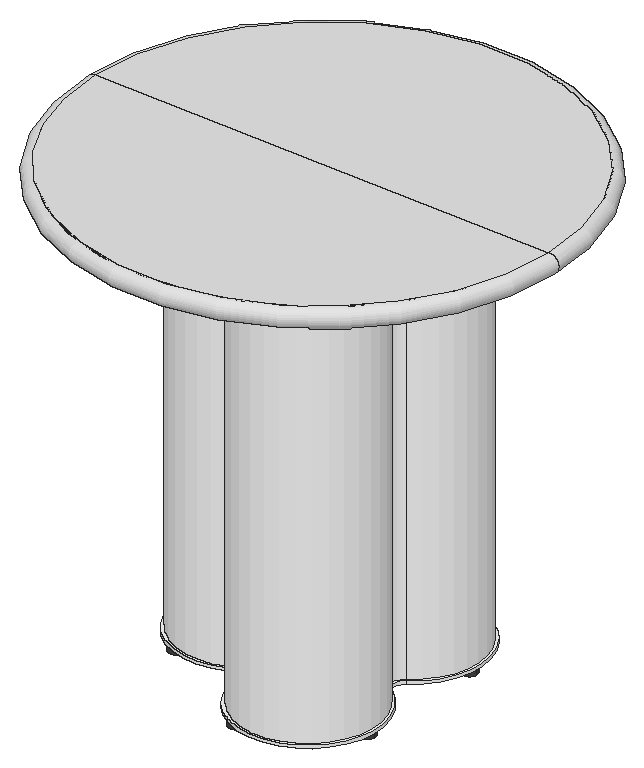
Revit family "DBLTD_TheSenatorGroup_OfficeTables_Batan_ExtrudedBlend_US", category Furniture, Revit 2021
Family settings
  OmniClass Number = 23.40.20.00
  OmniClass Title = General Furniture and Specialties
  Work Plane-Based = No
  Always vertical = Yes
  Cut with Voids When Loaded = No
  Shared = Yes
  Room Calculation Point = No
Parameters (values of type "Tall Round 19.75” Dia")
  WorksurfaceArea = NominalWidth * NominalDepth  # 0.25 m²
  WarrantyStartDate [instance] = " "
  WarrantyGuarantorParts = "https://www.thesenatorgroup.com/"
  WarrantyGuarantorLabor = "https://www.thesenatorgroup.com/"
  WarrantyDurationUnit = "years"
  WarrantyDurationParts = "5"
  WarrantyDurationLabor = "5"
  WarrantyDescription = "Allermuir warrants that its manufactured products are free from manufacturing defects - in materials or workmanship - for a period of five (5) years.\r\nAllermuir will repair, or replace (at Allermuir’s sole discretion) with comparable free of charge materials/ components, any product/ component which fails under normal use in a single shift environment, as a result of a defect in the materials and/or workmanship.\r\n\r\nExceptions -\r\nNon-standard product - 2 years\r\nScreen-mounted Accessories/ Dry-wipe Boards - 2 years\r\nElectrical and/or electronic componentry - 2 years\r\n\r\nExclusions - Allermuir does not warrant:\r\nFailure due to normal “Wear and Tear”.\r\nNatural variations in appearance of wood - its grain, figure and colour.\r\nChanges in surface appearance resulting from exposure to light, and the natural ageing process of wood.\r\nChanges in surface appearance resulting from the misuse of cleaning materials and methods/ damage form sharp objects/ imprinting from writing implements.\r\nNatural variations in Leather - its marks, scars and wrinkles.\r\nProduct stored/ exposed to extreme operational conditions.\r\nConsumable components such as Fuses/ Lights/ lamps/ transformers/etc.\r\nOther Manufacturer’s product supplied by Allermuir (their own warranty shall apply where possible).\r\nNon-standard fabrics/ finishes or veneers used. Allermuir only checks the manufacturing quality of Customer’s\r\nOwn Material (COM) and provides no warranty for the finish/ fabric itself.\r\nProduct which has not been installed/ moved/ reconfigured by Allermuir approved personnel.\r\nAllermuir shall be under no liability whatsoever for any consequential damage, loss or other expenses whether arising out of contract, negligence or otherwise."
  Version = "1"
  Uniclass2015Version = "Products v1.15"
  Uniclass2015Title = "Office tables"
  Uniclass2015Code = "Pr_40_50_21_60"
  URL = "https://www.thesenatorgroup.com/"
  Type Comments = ModelReference  # "Tall Round 19.75” Dia"
  TagNumber [instance] = " "
  SustainabilityPerformance = "n/a"
  Size = "19” x 19.75” x 19.75”"
  Shape = "Rectangular"
  SerialNumber [instance] = " "
  Revision = ""
  ReplacementCost = "n/a"
  Radius = NominalWidth / 2  # 250 mm
  ProductInformation = "https://www.allermuir.com/us/products/tables-storage/batan"
  NumberOfChairs = 0
  NominalWidth = 500 mm
  NominalHeight = 475 mm
  NominalDepth = 500 mm
  Name = "Table"
  ModelReference = "Tall Round 19.75” Dia"
  ModelNumber = "EBH20RD"
  Model = ModelNumber  # "EBH20RD"
  Material = "Frame: Aluminium, Top: Variable"
  ManufacturerURL = "https://www.thesenatorgroup.com/"
  ManufacturerName = "The Senator Group"
  Keynote = Category  # "Pr_40_50_21_60 Office tables"
  IsPill = no
  IsCircular = yes
  InstallationDate [instance] = " "
  Grade = "n/a"
  FrameMaterial [instance] = DBLTD_TheSenatorGroup_Metal_White
  Finish = "Frame: Mineral Forest, Ultramarine Blue, Black, White, Ceramic White, Soft Gold. Top: White Marble, Green Marble, Terrazzo, Oak"
  Features = "n/a"
  ExpectedLife = "5"
  DurationUnit = "years"
  DesktopMaterial [instance] = DBLTD_TheSenatorGroup_Marble_White
  Cost = 0
  Constituents = "Frame, Top"
  Color = "Frame: Mineral Forest, Ultramarine Blue, Black, White, Ceramic White, Soft Gold. Top: White Marble, Green Marble, Terrazzo, Oak"
  CodePerformance = "n/a"
  Category = "Pr_40_50_21_60 Office tables"
  Manufacturer = ManufacturerName  # "The Senator Group"
  Description = ModelReference  # "Tall Round 19.75” Dia"
  Default Elevation = 0 mm
  BarCode [instance] = " "
  Author = "Diane Butterworth Ltd"
  AssetType = "Movable"
  AssetIdentifier [instance] = " "
  Assembly Code = "E2020200"
  AccessibilityPerformance = "n/a"
Types (4, lengths in mm): name | WorksurfaceArea | Type Comments | Size | Radius | NominalWidth | NominalHeight | NominalDepth | ModelReference | ModelNumber | Model | IsPill | IsCircular | Finish | Color | Description
  Low Round 27.50” Dia | 0.49 m² | "Low Round 27.50” Dia" | "13” x 27.50” x 27.50”" | 350 | 700 | 325 | 700 | "Low Round 27.50” Dia" | "EBL27RD" | "EBL27RD" | no | yes | "Frame: Mineral Forest, Ultramarine Blue, Black, White, Ceramic White, Soft Gold. Top: White Marble, Green Marble, Terrazzo" | "Frame: Mineral Forest, Ultramarine Blue, Black, White, Ceramic White, Soft Gold. Top: White Marble, Green Marble, Terrazzo" | "Low Round 27.50” Dia"
  Mid Round 19.75” Dia | 0.25 m² | "Mid Round 19.75” Dia" | "15.75” x 19.75” x 19.75”" | 250 | 500 | 400 | 500 | "Mid Round 19.75” Dia" | "EBM20RD" | "EBM20RD" | no | yes | "Frame: Mineral Forest, Ultramarine Blue, Black, White, Ceramic White, Soft Gold. Top: White Marble, Green Marble, Terrazzo, Oak" | "Frame: Mineral Forest, Ultramarine Blue, Black, White, Ceramic White, Soft Gold. Top: White Marble, Green Marble, Terrazzo, Oak" | "Mid Round 19.75” Dia"
  Tall Round 19.75” Dia | 0.25 m² | "Tall Round 19.75” Dia" | "19” x 19.75” x 19.75”" | 250 | 500 | 475 | 500 | "Tall Round 19.75” Dia" | "EBH20RD" | "EBH20RD" | no | yes | "Frame: Mineral Forest, Ultramarine Blue, Black, White, Ceramic White, Soft Gold. Top: White Marble, Green Marble, Terrazzo, Oak" | "Frame: Mineral Forest, Ultramarine Blue, Black, White, Ceramic White, Soft Gold. Top: White Marble, Green Marble, Terrazzo, Oak" | "Tall Round 19.75” Dia"
  Low Pill 39.25” x 19.75” | 0.50 m² | "Low Pill 39.25” x 19.75”" | "13” x 39.25” x 19.75”" | 500 | 1000 | 325 | 500 | "Low Pill 39.25” x 19.75”" | "EBLP4020" | "EBLP4020" | yes | no | "Frame: Mineral Forest, Ultramarine Blue, Black, White, Ceramic White, Soft Gold. Top: White Marble, Green Marble, Terrazzo, Oak" | "Frame: Mineral Forest, Ultramarine Blue, Black, White, Ceramic White, Soft Gold. Top: White Marble, Green Marble, Terrazzo, Oak" | "Low Pill 39.25” x 19.75”"
Reference planes
  plane 1 "Center (Front/Back)": y = 0
  plane 2: z = 0
  plane 3 "Center (Left/Right)": x = 0
  plane 4: x = 0
  plane 5: z = 475
  plane 6: z = 455
  plane 7: z = 452
  plane 8: z = 6
  plane 9: z = 9
Forms (mm)
  Revolve 1, solid, material "DBLTD_TheSenatorGroup_Marble_White" <- "DesktopMaterial", visible <- "IsCircular"
    sketch origin (0, 0, 0) x (1, 0, 0) y (0, 0, 1)
      loop
        line (0, 475) -> (0, 455) -> (240, 455)
        arc (240, 455) -> (250, 465) -> (240, 475) r 10
        line (240, 475) -> (0, 475)
      axis (0, 475) -> (0, 455)
    angle from 0 to 360
  Extrusion 2, solid, material "DBLTD_TheSenatorGroup_Metal_White" <- "FrameMaterial", visible <- "IsPill", not visible
    sketch origin (0, 0, 0) x (1, 0, 0) y (0, 1, 0)
      loop
        arc (-49.271, 65.586) -> (-151.078, -0.452) -> (-48.45, -65.207) r 72.03
        arc (-48.45, -65.207) -> (-37.345, -65.683) -> (-31.394, -75.071) r 12
        arc (-31.394, -75.071) -> (76.58, -131.297) -> (80.998, -9.641) r 72
        arc (80.998, -9.641) -> (75.772, 0.181) -> (80.861, 10.074) r 12
        arc (80.861, 10.074) -> (75.392, 131.343) -> (-32.359, 75.434) r 72.03
        arc (-32.359, 75.434) -> (-38.272, 66.143) -> (-49.271, 65.586) r 12
    from 6 to 9
  Extrusion 3, solid, material "DBLTD_TheSenatorGroup_Metal_White" <- "FrameMaterial", visible <- "IsPill", not visible
    sketch origin (0, 0, 0) x (1, 0, 0) y (0, 1, 0)
      loop
        arc (-50.512, 62.855) -> (-148.078, -0.433) -> (-49.725, -62.492) r 69.03
        arc (-49.725, -62.492) -> (-35.843, -63.086) -> (-28.405, -74.821) r 15
        arc (-28.405, -74.821) -> (75.07, -128.705) -> (79.304, -12.118) r 69
        arc (79.304, -12.118) -> (72.772, 0.16) -> (79.133, 12.527) r 15
        arc (79.133, 12.527) -> (73.892, 128.745) -> (-29.371, 75.165) r 69.03
        arc (-29.371, 75.165) -> (-36.762, 63.55) -> (-50.512, 62.855) r 15
    from 9 to 302
  Extrusion 4, solid, material "DBLTD_TheSenatorGroup_Metal_White" <- "FrameMaterial", visible <- "IsPill", not visible
    sketch origin (0, 0, 0) x (1, 0, 0) y (0, 1, 0)
      loop
        circle (0, 0) r 200
    from 302 to 305
  Extrusion 5, solid, material "DBLTD_TheSenatorGroup_Metal_Black", visible <- "IsPill", not visible
    sketch origin (0, 0, 0) x (1, 0, 0) y (0, 1, 0)
      loop
        circle (-110.08, -55.762) r 7.5
    from 0 to 6
  Extrusion 6, solid, material "DBLTD_TheSenatorGroup_Metal_Black", visible <- "IsPill", not visible
    sketch origin (0, 0, 0) x (1, 0, 0) y (0, 1, 0)
      loop
        circle (-110.08, 55.762) r 7.5
    from 0 to 6
  Extrusion 7, solid, material "DBLTD_TheSenatorGroup_Metal_Black", visible <- "IsPill", not visible
    sketch origin (117.671, 66.054, 0) x (1, 0, 0) y (0, 1, 0)
      loop
        circle (-110.08, 55.762) r 7.5
    from 0 to 6
  Extrusion 8, solid, material "DBLTD_TheSenatorGroup_Metal_Black", visible <- "IsPill", not visible
    sketch origin (212.741, 11.28, 0) x (1, 0, 0) y (0, 1, 0)
      loop
        circle (-110.08, 55.762) r 7.5
    from 0 to 6
  Extrusion 9, solid, material "DBLTD_TheSenatorGroup_Metal_Black", visible <- "IsPill", not visible
    sketch origin (212.741, -124.189, 0) x (1, 0, 0) y (0, 1, 0)
      loop
        circle (-110.08, 55.762) r 7.5
    from 0 to 6
  Extrusion 10, solid, material "DBLTD_TheSenatorGroup_Metal_Black", visible <- "IsPill", not visible
    sketch origin (117.543, -179.242, 0) x (1, 0, 0) y (0, 1, 0)
      loop
        circle (-110.08, 55.762) r 7.5
    from 0 to 6
  Extrusion 11, solid, material "DBLTD_TheSenatorGroup_Marble_White" <- "DesktopMaterial", visible <- "IsPill"
    sketch origin (0, 0, 0) x (1, 0, 0) y (0, 1, 0)
      loop
        arc (-250, 250) -> (-500, 0) -> (-250, -250) r 250
        line (-250, -250) -> (250, -250)
        arc (250, -250) -> (500, 0) -> (250, 250) r 250
        line (250, 250) -> (-250, 250)
    from 455 to 475
  Sweep 12, void
    path in 3D
      loop
        arc (250, -250, 475) -> (500, 0, 475) -> (250, 250, 475) r 250
        line (250, 250, 475) -> (-250, 250, 475)
        arc (-250, 250, 475) -> (-500, 0, 475) -> (-250, -250, 475) r 250
        line (-250, -250, 475) -> (250, -250, 475)
    profile origin (0, -250, 475) x (0, 1, 0) y (0, 0, 1)
      loop
        line (10, 0) -> (-2.5, 0) -> (-2.5, -20) -> (10, -20)
        arc (10, -20) -> (0, -10) -> (10, 0) r 10
  Extrusion 13, solid, material "DBLTD_TheSenatorGroup_Metal_White" <- "FrameMaterial", visible <- "IsPill", not visible
    sketch origin (-448.929, 0, 0) x (-1, 0, 0) y (0, -1, 0)
      loop
        arc (-49.271, -65.586) -> (-38.272, -66.143) -> (-32.359, -75.434) r 12
        arc (-32.359, -75.434) -> (75.392, -131.343) -> (80.861, -10.074) r 72.03
        arc (80.861, -10.074) -> (75.772, -0.181) -> (80.998, 9.641) r 12
        arc (80.998, 9.641) -> (76.58, 131.297) -> (-31.394, 75.071) r 72
        arc (-31.394, 75.071) -> (-37.345, 65.683) -> (-48.45, 65.207) r 12
        arc (-48.45, 65.207) -> (-151.078, 0.452) -> (-49.271, -65.586) r 72.03
    from 6 to 9
  Extrusion 14, solid, material "DBLTD_TheSenatorGroup_Metal_White" <- "FrameMaterial", visible <- "IsPill", not visible
    sketch origin (-448.929, 0, 0) x (-1, 0, 0) y (0, -1, 0)
      loop
        arc (-50.512, -62.855) -> (-36.762, -63.55) -> (-29.371, -75.165) r 15
        arc (-29.371, -75.165) -> (73.892, -128.745) -> (79.133, -12.527) r 69.03
        arc (79.133, -12.527) -> (72.772, -0.16) -> (79.304, 12.118) r 15
        arc (79.304, 12.118) -> (75.07, 128.705) -> (-28.405, 74.821) r 69
        arc (-28.405, 74.821) -> (-35.843, 63.086) -> (-49.725, 62.492) r 15
        arc (-49.725, 62.492) -> (-148.078, 0.433) -> (-50.512, -62.855) r 69.03
    from 9 to 302
  Extrusion 15, solid, material "DBLTD_TheSenatorGroup_Metal_White" <- "FrameMaterial", visible <- "IsPill", not visible
    sketch origin (-448.929, 0, 0) x (-1, 0, 0) y (0, -1, 0)
      loop
        circle (0, 0) r 200
    from 302 to 305
  Extrusion 16, solid, material "DBLTD_TheSenatorGroup_Metal_Black", visible <- "IsPill", not visible
    sketch origin (-448.929, 0, 0) x (-1, 0, 0) y (0, -1, 0)
      loop
        circle (-110.08, 55.762) r 7.5
    from 0 to 6
  Extrusion 17, solid, material "DBLTD_TheSenatorGroup_Metal_Black", visible <- "IsPill", not visible
    sketch origin (-448.929, 0, 0) x (-1, 0, 0) y (0, -1, 0)
      loop
        circle (-110.08, -55.762) r 7.5
    from 0 to 6
  Extrusion 18, solid, material "DBLTD_TheSenatorGroup_Metal_Black", visible <- "IsPill", not visible
    sketch origin (-566.6, -66.054, 0) x (-1, 0, 0) y (0, -1, 0)
      loop
        circle (-110.08, -187.871) r 7.5
    from 0 to 6
  Extrusion 19, solid, material "DBLTD_TheSenatorGroup_Metal_Black", visible <- "IsPill", not visible
    sketch origin (-661.671, -11.28, 0) x (-1, 0, 0) y (0, -1, 0)
      loop
        circle (-110.08, -78.321) r 7.5
    from 0 to 6
  Extrusion 20, solid, material "DBLTD_TheSenatorGroup_Metal_Black", visible <- "IsPill", not visible
    sketch origin (-661.671, 124.189, 0) x (-1, 0, 0) y (0, -1, 0)
      loop
        circle (-110.08, 192.616) r 7.5
    from 0 to 6
  Extrusion 21, solid, material "DBLTD_TheSenatorGroup_Metal_Black", visible <- "IsPill", not visible
    sketch origin (-566.472, 179.242, 0) x (-1, 0, 0) y (0, -1, 0)
      loop
        circle (-110.08, 302.723) r 7.5
    from 0 to 6
  Extrusion 22, solid, material "DBLTD_TheSenatorGroup_Metal_White" <- "FrameMaterial", visible <- "IsCircular"
    sketch origin (0, 0, 0) x (1, 0, 0) y (0, 1, 0)
      loop
        arc (-49.271, 65.586) -> (-151.078, -0.452) -> (-48.45, -65.207) r 72.03
        arc (-48.45, -65.207) -> (-37.345, -65.683) -> (-31.394, -75.071) r 12
        arc (-31.394, -75.071) -> (76.58, -131.297) -> (80.998, -9.641) r 72
        arc (80.998, -9.641) -> (75.772, 0.181) -> (80.861, 10.074) r 12
        arc (80.861, 10.074) -> (75.392, 131.343) -> (-32.359, 75.434) r 72.03
        arc (-32.359, 75.434) -> (-38.272, 66.143) -> (-49.271, 65.586) r 12
    from 6 to 9
  Extrusion 23, solid, material "DBLTD_TheSenatorGroup_Metal_White" <- "FrameMaterial", visible <- "IsCircular"
    sketch origin (0, 0, 0) x (1, 0, 0) y (0, 1, 0)
      loop
        arc (-50.512, 62.855) -> (-148.078, -0.433) -> (-49.725, -62.492) r 69.03
        arc (-49.725, -62.492) -> (-35.843, -63.086) -> (-28.405, -74.821) r 15
        arc (-28.405, -74.821) -> (75.07, -128.705) -> (79.304, -12.118) r 69
        arc (79.304, -12.118) -> (72.772, 0.16) -> (79.133, 12.527) r 15
        arc (79.133, 12.527) -> (73.892, 128.745) -> (-29.371, 75.165) r 69.03
        arc (-29.371, 75.165) -> (-36.762, 63.55) -> (-50.512, 62.855) r 15
    from 9 to 452
  Extrusion 24, solid, material "DBLTD_TheSenatorGroup_Metal_White" <- "FrameMaterial", visible <- "IsCircular"
    sketch origin (0, 0, 0) x (1, 0, 0) y (0, 1, 0)
      loop
        circle (0, 0) r 200
    from 452 to 455
  Extrusion 25, solid, material "DBLTD_TheSenatorGroup_Metal_Black", visible <- "IsCircular"
    sketch origin (0, 0, 0) x (1, 0, 0) y (0, 1, 0)
      loop
        circle (-110.08, -55.762) r 7.5
    from 0 to 6
  Extrusion 26, solid, material "DBLTD_TheSenatorGroup_Metal_Black", visible <- "IsCircular"
    sketch origin (0, 0, 0) x (1, 0, 0) y (0, 1, 0)
      loop
        circle (-110.08, 55.762) r 7.5
    from 0 to 6
  Extrusion 27, solid, material "DBLTD_TheSenatorGroup_Metal_Black", visible <- "IsCircular"
    sketch origin (117.671, 66.054, 0) x (1, 0, 0) y (0, 1, 0)
      loop
        circle (-110.08, 55.762) r 7.5
    from 0 to 6
  Extrusion 28, solid, material "DBLTD_TheSenatorGroup_Metal_Black", visible <- "IsCircular"
    sketch origin (212.741, 11.28, 0) x (1, 0, 0) y (0, 1, 0)
      loop
        circle (-110.08, 55.762) r 7.5
    from 0 to 6
  Extrusion 29, solid, material "DBLTD_TheSenatorGroup_Metal_Black", visible <- "IsCircular"
    sketch origin (212.741, -124.189, 0) x (1, 0, 0) y (0, 1, 0)
      loop
        circle (-110.08, 55.762) r 7.5
    from 0 to 6
  Extrusion 30, solid, material "DBLTD_TheSenatorGroup_Metal_Black", visible <- "IsCircular"
    sketch origin (117.543, -179.242, 0) x (1, 0, 0) y (0, 1, 0)
      loop
        circle (-110.08, 55.762) r 7.5
    from 0 to 6
  Extrusion 31, solid, material "DBLTD_TheSenatorGroup_Metal_White" <- "FrameMaterial", visible <- "IsPill"
    sketch origin (224.929, 0, 0) x (1, 0, 0) y (0, 1, 0)
      loop
        arc (-49.271, 65.586) -> (-151.078, -0.452) -> (-48.45, -65.207) r 72.03
        arc (-48.45, -65.207) -> (-37.345, -65.683) -> (-31.394, -75.071) r 12
        arc (-31.394, -75.071) -> (76.58, -131.297) -> (80.998, -9.641) r 72
        arc (80.998, -9.641) -> (75.772, 0.181) -> (80.861, 10.074) r 12
        arc (80.861, 10.074) -> (75.392, 131.343) -> (-32.359, 75.434) r 72.03
        arc (-32.359, 75.434) -> (-38.272, 66.143) -> (-49.271, 65.586) r 12
    from 6 to 9
  Extrusion 32, solid, material "DBLTD_TheSenatorGroup_Metal_White" <- "FrameMaterial", visible <- "IsPill"
    sketch origin (224.929, 0, 0) x (1, 0, 0) y (0, 1, 0)
      loop
        arc (-50.512, 62.855) -> (-148.078, -0.433) -> (-49.725, -62.492) r 69.03
        arc (-49.725, -62.492) -> (-35.843, -63.086) -> (-28.405, -74.821) r 15
        arc (-28.405, -74.821) -> (75.07, -128.705) -> (79.304, -12.118) r 69
        arc (79.304, -12.118) -> (72.772, 0.16) -> (79.133, 12.527) r 15
        arc (79.133, 12.527) -> (73.892, 128.745) -> (-29.371, 75.165) r 69.03
        arc (-29.371, 75.165) -> (-36.762, 63.55) -> (-50.512, 62.855) r 15
    from 9 to 302
  Extrusion 33, solid, material "DBLTD_TheSenatorGroup_Metal_White" <- "FrameMaterial", visible <- "IsPill"
    sketch origin (224.929, 0, 0) x (1, 0, 0) y (0, 1, 0)
      loop
        circle (0, 0) r 200
    from 302 to 305
  Extrusion 34, solid, material "DBLTD_TheSenatorGroup_Metal_Black", visible <- "IsPill"
    sketch origin (224.929, 0, 0) x (1, 0, 0) y (0, 1, 0)
      loop
        circle (-110.08, -55.762) r 7.5
    from 0 to 6
  Extrusion 35, solid, material "DBLTD_TheSenatorGroup_Metal_Black", visible <- "IsPill"
    sketch origin (224.929, 0, 0) x (1, 0, 0) y (0, 1, 0)
      loop
        circle (-110.08, 55.762) r 7.5
    from 0 to 6
  Extrusion 36, solid, material "DBLTD_TheSenatorGroup_Metal_Black", visible <- "IsPill"
    sketch origin (342.6, 66.054, 0) x (1, 0, 0) y (0, 1, 0)
      loop
        circle (-110.08, 55.762) r 7.5
    from 0 to 6
  Extrusion 37, solid, material "DBLTD_TheSenatorGroup_Metal_Black", visible <- "IsPill"
    sketch origin (437.671, 11.28, 0) x (1, 0, 0) y (0, 1, 0)
      loop
        circle (-110.08, 55.762) r 7.5
    from 0 to 6
  Extrusion 38, solid, material "DBLTD_TheSenatorGroup_Metal_Black", visible <- "IsPill"
    sketch origin (437.671, -124.189, 0) x (1, 0, 0) y (0, 1, 0)
      loop
        circle (-110.08, 55.762) r 7.5
    from 0 to 6
  Extrusion 39, solid, material "DBLTD_TheSenatorGroup_Metal_Black", visible <- "IsPill"
    sketch origin (342.472, -179.242, 0) x (1, 0, 0) y (0, 1, 0)
      loop
        circle (-110.08, 55.762) r 7.5
    from 0 to 6
  Extrusion 40, solid, material "DBLTD_TheSenatorGroup_Metal_White" <- "FrameMaterial", visible <- "IsPill"
    sketch origin (-224, 0, 0) x (-1, 0, 0) y (0, -1, 0)
      loop
        arc (-49.271, -65.586) -> (-38.272, -66.143) -> (-32.359, -75.434) r 12
        arc (-32.359, -75.434) -> (75.392, -131.343) -> (80.861, -10.074) r 72.03
        arc (80.861, -10.074) -> (75.772, -0.181) -> (80.998, 9.641) r 12
        arc (80.998, 9.641) -> (76.58, 131.297) -> (-31.394, 75.071) r 72
        arc (-31.394, 75.071) -> (-37.345, 65.683) -> (-48.45, 65.207) r 12
        arc (-48.45, 65.207) -> (-151.078, 0.452) -> (-49.271, -65.586) r 72.03
    from 6 to 9
  Extrusion 41, solid, material "DBLTD_TheSenatorGroup_Metal_White" <- "FrameMaterial", visible <- "IsPill"
    sketch origin (-224, 0, 0) x (-1, 0, 0) y (0, -1, 0)
      loop
        arc (-50.512, -62.855) -> (-36.762, -63.55) -> (-29.371, -75.165) r 15
        arc (-29.371, -75.165) -> (73.892, -128.745) -> (79.133, -12.527) r 69.03
        arc (79.133, -12.527) -> (72.772, -0.16) -> (79.304, 12.118) r 15
        arc (79.304, 12.118) -> (75.07, 128.705) -> (-28.405, 74.821) r 69
        arc (-28.405, 74.821) -> (-35.843, 63.086) -> (-49.725, 62.492) r 15
        arc (-49.725, 62.492) -> (-148.078, 0.433) -> (-50.512, -62.855) r 69.03
    from 9 to 302
  Extrusion 42, solid, material "DBLTD_TheSenatorGroup_Metal_White" <- "FrameMaterial", visible <- "IsPill"
    sketch origin (-224, 0, 0) x (-1, 0, 0) y (0, -1, 0)
      loop
        circle (0, 0) r 200
    from 302 to 305
  Extrusion 43, solid, material "DBLTD_TheSenatorGroup_Metal_Black", visible <- "IsPill"
    sketch origin (-224, 0, 0) x (-1, 0, 0) y (0, -1, 0)
      loop
        circle (-110.08, 55.762) r 7.5
    from 0 to 6
  Extrusion 44, solid, material "DBLTD_TheSenatorGroup_Metal_Black", visible <- "IsPill"
    sketch origin (-224, 0, 0) x (-1, 0, 0) y (0, -1, 0)
      loop
        circle (-110.08, -55.762) r 7.5
    from 0 to 6
  Extrusion 45, solid, material "DBLTD_TheSenatorGroup_Metal_Black", visible <- "IsPill"
    sketch origin (-341.671, -66.054, 0) x (-1, 0, 0) y (0, -1, 0)
      loop
        circle (-110.08, -187.871) r 7.5
    from 0 to 6
  Extrusion 46, solid, material "DBLTD_TheSenatorGroup_Metal_Black", visible <- "IsPill"
    sketch origin (-436.741, -11.28, 0) x (-1, 0, 0) y (0, -1, 0)
      loop
        circle (-110.08, -78.321) r 7.5
    from 0 to 6
  Extrusion 47, solid, material "DBLTD_TheSenatorGroup_Metal_Black", visible <- "IsPill"
    sketch origin (-436.741, 124.189, 0) x (-1, 0, 0) y (0, -1, 0)
      loop
        circle (-110.08, 192.616) r 7.5
    from 0 to 6
  Extrusion 48, solid, material "DBLTD_TheSenatorGroup_Metal_Black", visible <- "IsPill"
    sketch origin (-341.543, 179.242, 0) x (-1, 0, 0) y (0, -1, 0)
      loop
        circle (-110.08, 302.723) r 7.5
    from 0 to 6
Cuts and joins
  Sweep 12 cuts Extrusion 11
Lines and regions (mm)
  sketch lines
    curve 1: line (-250, -250, 475) -> (250, -250, 475)
    curve 2: arc (-250, -250, 475) -> (-500, 0, 475) -> (-250, 250, 475) r 250
    curve 3: line (250, 250, 475) -> (-250, 250, 475)
    curve 4: arc (250, 250, 475) -> (500, 0, 475) -> (250, -250, 475) r 250
Dimensions and locks
  "NominalHeight": plane 5 to level
  locked: plane 5 to plane 6 at 20
  plane 9 to plane 8 to level = 3 mm locked, 6 mm locked
  "Radius": Revolve 1 sketch curve to plane 4
  locked: plane 6 to plane 7 at 3
  aligned and locked: level to plane 2
  aligned and locked: plane 5 to Extrusion 11
  aligned and locked: Extrusion 11 to plane 6
  aligned and locked: plane 6 to Extrusion 24
  aligned and locked: Extrusion 24 to plane 7
  aligned and locked: plane 7 to Extrusion 23
Automatic sketch dimensions
  Extrusion 2 sketch curve to Extrusion 2 sketch curve = 47.416 mm
  Extrusion 2 sketch curve to Extrusion 2 sketch curve = 4.961 mm
  Extrusion 2 sketch curve to Extrusion 2 sketch curve = 0 mm  (x5)
  Extrusion 3 sketch curve to Extrusion 3 sketch curve = 47.416 mm
  Extrusion 3 sketch curve to Extrusion 3 sketch curve = 6.201 mm
  Extrusion 3 sketch curve to Extrusion 3 sketch curve = 0 mm  (x5)
  Extrusion 2 sketch curve to Extrusion 2 sketch curve = 34.739 mm
  Extrusion 2 sketch curve to Extrusion 2 sketch curve = 35.697 mm
  Extrusion 2 sketch curve to Extrusion 2 sketch curve = 83.69 mm
  Extrusion 2 sketch curve to Extrusion 2 sketch curve = 83.708 mm
  Extrusion 2 sketch curve to Extrusion 2 sketch curve = 6.997 mm
  Extrusion 2 sketch curve to Extrusion 2 sketch curve = 76.071 mm
  Extrusion 2 sketch curve to Extrusion 2 sketch curve = 69.338 mm
  Extrusion 2 sketch curve to Extrusion 2 sketch curve = 68.697 mm
  Extrusion 2 sketch curve to Extrusion 2 sketch curve = 76.513 mm
  Extrusion 3 sketch curve to Extrusion 3 sketch curve = 34.739 mm
  Extrusion 3 sketch curve to Extrusion 3 sketch curve = 35.697 mm
  Extrusion 3 sketch curve to Extrusion 3 sketch curve = 83.69 mm
  Extrusion 3 sketch curve to Extrusion 3 sketch curve = 83.708 mm
  Extrusion 3 sketch curve to Extrusion 3 sketch curve = 6.997 mm
  Extrusion 3 sketch curve to Extrusion 3 sketch curve = 76.071 mm
  Extrusion 3 sketch curve to Extrusion 3 sketch curve = 69.338 mm
  Extrusion 3 sketch curve to Extrusion 3 sketch curve = 68.697 mm
  Extrusion 3 sketch curve to Extrusion 3 sketch curve = 76.513 mm
  Extrusion 11 sketch curve to plane 3 "Center (Left/Right)" = 250 mm
  plane 3 "Center (Left/Right)" to Extrusion 11 sketch curve = 250 mm
  Extrusion 22 sketch curve to Extrusion 22 sketch curve = 47.416 mm
  Extrusion 22 sketch curve to Extrusion 22 sketch curve = 4.961 mm
  Extrusion 22 sketch curve to Extrusion 22 sketch curve = 0 mm  (x5)
  Extrusion 23 sketch curve to Extrusion 23 sketch curve = 47.416 mm
  Extrusion 23 sketch curve to Extrusion 23 sketch curve = 6.201 mm
  Extrusion 23 sketch curve to Extrusion 23 sketch curve = 0 mm  (x5)
  Extrusion 22 sketch curve to Extrusion 22 sketch curve = 34.739 mm
  Extrusion 22 sketch curve to Extrusion 22 sketch curve = 35.697 mm
  Extrusion 22 sketch curve to Extrusion 22 sketch curve = 83.69 mm
  Extrusion 22 sketch curve to Extrusion 22 sketch curve = 83.708 mm
  Extrusion 22 sketch curve to Extrusion 22 sketch curve = 6.997 mm
  Extrusion 22 sketch curve to Extrusion 22 sketch curve = 76.071 mm
  Extrusion 22 sketch curve to Extrusion 22 sketch curve = 69.338 mm
  Extrusion 22 sketch curve to Extrusion 22 sketch curve = 68.697 mm
  Extrusion 22 sketch curve to Extrusion 22 sketch curve = 76.513 mm
  Extrusion 23 sketch curve to Extrusion 23 sketch curve = 34.739 mm
  Extrusion 23 sketch curve to Extrusion 23 sketch curve = 35.697 mm
  Extrusion 23 sketch curve to Extrusion 23 sketch curve = 83.69 mm
  Extrusion 23 sketch curve to Extrusion 23 sketch curve = 83.708 mm
  Extrusion 23 sketch curve to Extrusion 23 sketch curve = 6.997 mm
  Extrusion 23 sketch curve to Extrusion 23 sketch curve = 76.071 mm
  Extrusion 23 sketch curve to Extrusion 23 sketch curve = 69.338 mm
  Extrusion 23 sketch curve to Extrusion 23 sketch curve = 68.697 mm
  Extrusion 23 sketch curve to Extrusion 23 sketch curve = 76.513 mm
  Extrusion 31 sketch curve to Extrusion 31 sketch curve = 47.416 mm
  Extrusion 31 sketch curve to Extrusion 31 sketch curve = 4.961 mm
  Extrusion 31 sketch curve to Extrusion 31 sketch curve = 0 mm  (x5)
  Extrusion 32 sketch curve to Extrusion 32 sketch curve = 47.416 mm
  Extrusion 32 sketch curve to Extrusion 32 sketch curve = 6.201 mm
  Extrusion 32 sketch curve to Extrusion 32 sketch curve = 0 mm  (x5)
  Extrusion 31 sketch curve to Extrusion 31 sketch curve = 34.739 mm
  Extrusion 31 sketch curve to Extrusion 31 sketch curve = 35.697 mm
  Extrusion 31 sketch curve to Extrusion 31 sketch curve = 83.69 mm
  Extrusion 31 sketch curve to Extrusion 31 sketch curve = 83.708 mm
  Extrusion 31 sketch curve to Extrusion 31 sketch curve = 6.997 mm
  Extrusion 31 sketch curve to Extrusion 31 sketch curve = 76.071 mm
  Extrusion 31 sketch curve to Extrusion 31 sketch curve = 69.338 mm
  Extrusion 31 sketch curve to Extrusion 31 sketch curve = 68.697 mm
  Extrusion 31 sketch curve to Extrusion 31 sketch curve = 76.513 mm
  Extrusion 32 sketch curve to Extrusion 32 sketch curve = 34.739 mm
  Extrusion 32 sketch curve to Extrusion 32 sketch curve = 35.697 mm
  Extrusion 32 sketch curve to Extrusion 32 sketch curve = 83.69 mm
  Extrusion 32 sketch curve to Extrusion 32 sketch curve = 83.708 mm
  Extrusion 32 sketch curve to Extrusion 32 sketch curve = 6.997 mm
  Extrusion 32 sketch curve to Extrusion 32 sketch curve = 76.071 mm
  Extrusion 32 sketch curve to Extrusion 32 sketch curve = 69.338 mm
  Extrusion 32 sketch curve to Extrusion 32 sketch curve = 68.697 mm
  Extrusion 32 sketch curve to Extrusion 32 sketch curve = 76.513 mm
  Extrusion 40 sketch curve to Extrusion 40 sketch curve = 47.416 mm
  Extrusion 40 sketch curve to Extrusion 40 sketch curve = 4.961 mm
  Extrusion 40 sketch curve to Extrusion 40 sketch curve = 0 mm  (x5)
  Extrusion 41 sketch curve to Extrusion 41 sketch curve = 47.416 mm
  Extrusion 41 sketch curve to Extrusion 41 sketch curve = 6.201 mm
  Extrusion 41 sketch curve to Extrusion 41 sketch curve = 0 mm  (x5)
  Extrusion 40 sketch curve to Extrusion 40 sketch curve = 34.739 mm
  Extrusion 40 sketch curve to Extrusion 40 sketch curve = 35.697 mm
  Extrusion 40 sketch curve to Extrusion 40 sketch curve = 83.69 mm
  Extrusion 40 sketch curve to Extrusion 40 sketch curve = 83.708 mm
  Extrusion 40 sketch curve to Extrusion 40 sketch curve = 6.997 mm
  Extrusion 40 sketch curve to Extrusion 40 sketch curve = 76.071 mm
  Extrusion 40 sketch curve to Extrusion 40 sketch curve = 69.338 mm
  Extrusion 40 sketch curve to Extrusion 40 sketch curve = 68.697 mm
  Extrusion 40 sketch curve to Extrusion 40 sketch curve = 76.513 mm
  Extrusion 41 sketch curve to Extrusion 41 sketch curve = 34.739 mm
  Extrusion 41 sketch curve to Extrusion 41 sketch curve = 35.697 mm
  Extrusion 41 sketch curve to Extrusion 41 sketch curve = 83.69 mm
  Extrusion 41 sketch curve to Extrusion 41 sketch curve = 83.708 mm
  Extrusion 41 sketch curve to Extrusion 41 sketch curve = 6.997 mm
  Extrusion 41 sketch curve to Extrusion 41 sketch curve = 76.071 mm
  Extrusion 41 sketch curve to Extrusion 41 sketch curve = 69.338 mm
  Extrusion 41 sketch curve to Extrusion 41 sketch curve = 68.697 mm
  Extrusion 41 sketch curve to Extrusion 41 sketch curve = 76.513 mm
  Sweep 12 sketch curve to profile plane = 0 mm
  profile plane to Sweep 12 sketch curve = 2.5 mm
  Sweep 12 sketch curve to profile plane = 10 mm  (x2)
  plane 1 "Center (Front/Back)" to Extrusion 11 sketch curve = 0 mm
  plane 1 "Center (Front/Back)" to Extrusion 11 sketch curve = 250 mm
  plane 1 "Center (Front/Back)" to Extrusion 22 sketch curve = 0 mm
  Extrusion 22 sketch curve to plane 3 "Center (Left/Right)" = 79.05 mm
  plane 1 "Center (Front/Back)" to Extrusion 23 sketch curve = 0 mm
  Extrusion 23 sketch curve to plane 3 "Center (Left/Right)" = 79.05 mm
  plane 1 "Center (Front/Back)" to Extrusion 24 sketch curve = 0 mm
  Extrusion 24 sketch curve to plane 3 "Center (Left/Right)" = 0 mm
  Extrusion 25 sketch curve to plane 3 "Center (Left/Right)" = 110.08 mm
  plane 1 "Center (Front/Back)" to Extrusion 25 sketch curve = 55.762 mm
  Extrusion 26 sketch curve to plane 3 "Center (Left/Right)" = 110.08 mm
  Extrusion 26 sketch curve to plane 1 "Center (Front/Back)" = 55.762 mm
  plane 3 "Center (Left/Right)" to Extrusion 27 sketch curve = 7.591 mm
  Extrusion 27 sketch curve to plane 1 "Center (Front/Back)" = 121.816 mm
  plane 3 "Center (Left/Right)" to Extrusion 28 sketch curve = 102.661 mm
  Extrusion 28 sketch curve to plane 1 "Center (Front/Back)" = 67.041 mm
  plane 3 "Center (Left/Right)" to Extrusion 29 sketch curve = 102.661 mm
  plane 1 "Center (Front/Back)" to Extrusion 29 sketch curve = 68.427 mm
  plane 3 "Center (Left/Right)" to Extrusion 30 sketch curve = 7.463 mm
  plane 1 "Center (Front/Back)" to Extrusion 30 sketch curve = 123.481 mm
  Revolve 1 sketch curve to plane 3 "Center (Left/Right)" = 0 mm  (x2)
  Revolve 1 sketch curve to plane 5 = 0 mm
  Revolve 1 sketch curve to plane 6 = 0 mm
  Revolve 1 sketch curve to plane 7 = 0 mm
  Revolve 1 sketch curve to Revolve 1 sketch curve = 5 mm
  radius of Extrusion 4 sketch curve = 200 mm
  radius of Extrusion 5 sketch curve = 7.5 mm
  radius of Extrusion 6 sketch curve = 7.5 mm
  radius of Extrusion 7 sketch curve = 7.5 mm
  radius of Extrusion 8 sketch curve = 7.5 mm
  radius of Extrusion 9 sketch curve = 7.5 mm
  radius of Extrusion 10 sketch curve = 7.5 mm
  radius of Extrusion 24 sketch curve = 200 mm
  radius of Extrusion 25 sketch curve = 7.5 mm
  radius of Extrusion 26 sketch curve = 7.5 mm
  radius of Extrusion 27 sketch curve = 7.5 mm
  radius of Extrusion 28 sketch curve = 7.5 mm
  radius of Extrusion 29 sketch curve = 7.5 mm
  radius of Extrusion 30 sketch curve = 7.5 mm
  radius of Extrusion 33 sketch curve = 200 mm
  radius of Extrusion 34 sketch curve = 7.5 mm
  radius of Extrusion 35 sketch curve = 7.5 mm
  radius of Extrusion 36 sketch curve = 7.5 mm
  radius of Extrusion 37 sketch curve = 7.5 mm
  radius of Extrusion 38 sketch curve = 7.5 mm
  radius of Extrusion 39 sketch curve = 7.5 mm
  radius of Extrusion 42 sketch curve = 200 mm
  radius of Extrusion 43 sketch curve = 7.5 mm
  radius of Extrusion 44 sketch curve = 7.5 mm
  radius of Extrusion 45 sketch curve = 7.5 mm
  radius of Extrusion 46 sketch curve = 7.5 mm
  radius of Extrusion 47 sketch curve = 7.5 mm
  radius of Extrusion 48 sketch curve = 7.5 mm
